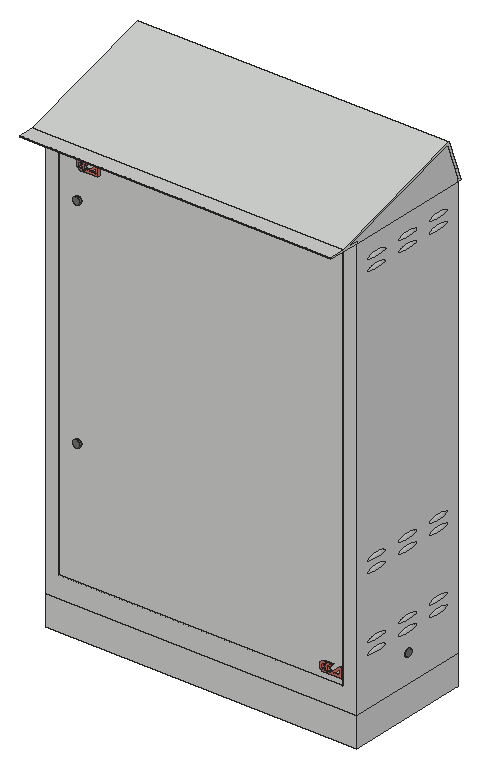
Revit family "Шкафы уличные двустенные ШРУД", category Обобщенные модели, Revit 2019
Family settings
  Может служить основой для арматурных стержней = Нет
  Размер круглого соединителя = Использовать диаметр
  Тип детали = Нормальный
  На основе рабочей плоскости = Нет
  Всегда вертикально = Да
  При загрузке вырезать с полостями = Нет
  Общий = Нет
  Точка расчета площади = Нет
Parameters (values of type "ШРУД-600 пустой")
  Толщина 5 = 5 mm  # constant formula
  Толщина 4 = 4 mm  # constant formula
  Толщина 25 = 25 mm  # constant formula
  Толщина -4 = -4 mm  # constant formula
  Смещение от уровня [instance] = 200 mm
  Описание = "Шкаф распределительный уличный двойной ШРУД-600 пустой ССД"
  Ноль = 0 mm  # constant formula
  Материал букв = Металл красный
  Материал болтов = Металл черный
  Материал Каркаса = RAL 7035
  ADSK_Этаж [instance] = ""
  ADSK_Размер_Ширина = 850 mm
  ADSK_Размер_Глубина = 345 mm
  ADSK_Размер_Высота = 1345 mm
  ADSK_Примечание [instance] = ""
  ADSK_Предел огнестойкости = ""
  ADSK_Позиция [instance] = ""
  ADSK_Обозначение = ""
  ADSK_Наименование краткое = "ШРУД-600 пустой"
  ADSK_Наименование = "Шкаф распределительный уличный двойной ШРУД-600 пустой ССД"
  ADSK_Масса_Текст = "104"
  ADSK_Марка [instance] = ""
  ADSK_Количество [instance] = 1  # constant formula
  ADSK_Код изделия = "120910-00066"
  ADSK_Зона = ""
  ADSK_Завод-изготовитель = "АО СВЯЗЬСТРОЙДЕТАЛЬ"  # constant formula
  ADSK_Единица измерения = "шт"  # constant formula
  ADSK_URL страницы изделия = "Шкаф распределительный уличный двойной ШРУД-600 пустой ССД ( 120910-00066 ) (ssd.ru)"
  ADSK_URL документации изделия = "shru_decl_09_21.pdf (ssd.ru)"
Types (6, lengths in mm): name | Описание | ADSK_Размер_Ширина | ADSK_Размер_Высота | ADSK_Наименование краткое | ADSK_Наименование | ADSK_Масса_Текст | ADSK_Код изделия | ADSK_URL страницы изделия
  ШРУД-600 (60 плинтов ПВТ) | "Шкаф распределительный уличный двойной ШРУД-600  укомплектованный ССД" | 850 | 1343 | "ШРУД-600 (60 плинтов ПВТ)" | "Шкаф распределительный уличный двойной ШРУД-600  укомплектованный ССД" | "152" | "120910-00072" | "Шкаф распределительный уличный двойной ШРУД-600 укомплектованный ССД ( 120910-00072 ) (ssd.ru)"
  ШРУД-1200 (120 плинтов ПВТ) | "Шкаф распределительный уличный двойной ШРУД-1200 укомплектованный ССД" | 850 | 1900 | "ШРУД-1200 (120 плинтов ПВТ)" | "Шкаф распределительный уличный двойной ШРУД-1200 укомплектованный ССД" | "239" | "120910-00071" | "Шкаф распределительный уличный двойной ШРУД-1200 укомплектованный ССД ( 120910-00071 ) (ssd.ru)"
  ШРУД-400 пустой | "Шкаф ШРУД-400 без боксов ССД" | 630 | 1345 | "ШРУД-400 пустой\r\nШРУД-400 пустой" | "Шкаф ШРУД-400 без боксов ССД" | "92" | "120910-00073" | "Шкаф ШРУД-400 без боксов ССД ( 120910-00073 ) (ssd.ru)"
  ШРУД-600 пустой | "Шкаф распределительный уличный двойной ШРУД-600 пустой ССД" | 850 | 1345 | "ШРУД-600 пустой" | "Шкаф распределительный уличный двойной ШРУД-600 пустой ССД" | "104" | "120910-00066" | "Шкаф распределительный уличный двойной ШРУД-600 пустой ССД ( 120910-00066 ) (ssd.ru)"
  ШРУД-1200 пустой | "Шкаф распределительный уличный двойной ШРУД-1200 пустой ССД" | 850 | 1900 | "ШРУД-1200 пустой" | "Шкаф распределительный уличный двойной ШРУД-1200 пустой ССД" | "122" | "120910-00067" | "Шкаф распределительный уличный двойной ШРУД-1200 пустой ССД ( 120910-00067 ) (ssd.ru)"
  ШРУД-2400 пустой | "Шкаф ШРУД-2400 без боксов ССД" | 850 | 2355 | "ШРУД-2400 пустой" | "Шкаф ШРУД-2400 без боксов ССД" | "218" | "120910-00069" | "Шкаф ШРУД-2400 без боксов ССД ( 120910-00069 ) (ssd.ru)"
Reference planes
  plane 1 "тттт": y = 0
  plane 2: z = 0
  plane 3 "УУУУ": x = 0
  plane 4 "еее": z = 200
  plane 5: z = 280
  plane 6: z = 1545
  plane 7: z = 340
  plane 8: z = 1435
  plane 9: z = 1411
  plane 10: z = 680
  plane 11: z = 1275
  plane 12 "Е-2": y = 172.5
  plane 13 "Е-1": y = -172.5
  plane 14 "Н-1": x = -425
  plane 15 "Н-2": x = 425
  plane 16: x = -388
  plane 17: x = 388
  plane 18: y = 142.5
  plane 19: x = -336
  plane 20 "для болтов": z = 360
  plane 21: z = 1380
  plane 22 "жжж": z = 412
  plane 23 "ззз": z = 442
  plane 24: z = 1350
  plane 25: y = 105.5
  plane 26: y = -105.5
  plane 27 "иии": z = 612
  plane 28 "ййй": z = 642
Forms (mm)
  Extrusion 1, void, not visible, detail levels fine
    sketch origin (-20, 0, 0) x (1, 0, 0) y (0, 0, 1)
      loop
        arc (-281.999, 290) -> (-261.999, 270) -> (-241.999, 290) r 20
        line (-241.999, 290) -> (-241.999, 370)
        arc (-241.999, 370) -> (-261.999, 390) -> (-281.999, 370) r 20
        line (-281.999, 370) -> (-281.999, 290)
    from 90 to 190
  Extrusion 2, void, not visible
    sketch origin (-20, 0, 225) x (1, 0, 0) y (0, 0, 1)
      loop
        circle (-261.999, 215) r 6.5
    from 90 to 190
  Extrusion 3, void, not visible, detail levels fine
    sketch origin (20, 0, 0) x (-1, 0, 0) y (0, 0, -1)
      loop
        line (-281.999, -290) -> (-281.999, -370)
        arc (-281.999, -370) -> (-261.999, -390) -> (-241.999, -370) r 20
        line (-241.999, -370) -> (-241.999, -290)
        arc (-241.999, -290) -> (-261.999, -270) -> (-281.999, -290) r 20
    from 90 to 190
  Extrusion 4, void, not visible
    sketch origin (20, 0, 225) x (-1, 0, 0) y (0, 0, -1)
      loop
        circle (-261.999, -215) r 6.5
    from 90 to 190
  Extrusion 5, void, not visible
    sketch origin (0, 0, 220) x (0, 1, 0) y (0, 0, 1)
      loop
        circle (-102, 220) r 3.036
      loop
        circle (-172.959, 220) r 3.036
      loop
        circle (-122, 237) r 3.036
      loop
        circle (-157.959, 237) r 3.036
      loop
        circle (-121.964, 203) r 3.036
      loop
        circle (-158.036, 203) r 3.036
      loop
        arc (-162.48, 75) -> (-137.48, 50) -> (-112.48, 75) r 25
        line (-112.48, 75) -> (-112.48, 145)
        arc (-112.48, 145) -> (-137.48, 170) -> (-162.48, 145) r 25
        line (-162.48, 145) -> (-162.48, 75)
    from -312 to 312
  Extrusion 6, solid, material "RAL 7035" <- "Материал Каркаса", detail levels medium+fine
    sketch origin (0, -172.5, 0) x (1, 0, 0) y (0, 0, 1)
      loop
        line (-425, 1435) -> (-425, 280) -> (425, 280) -> (425, 1435) -> (-425, 1435)
      loop
        line (-388, 1411) -> (-388, 340) -> (388, 340) -> (388, 1411) -> (-388, 1411)
    from -4 <- "Толщина -4" to 0
  Extrusion 7, solid, material "RAL 7035" <- "Материал Каркаса", detail levels medium+fine
    sketch origin (0, -172.5, 0) x (1, 0, 0) y (0, 0, 1)
      loop
        line (-425, 280) -> (-425, 200) -> (425, 200) -> (425, 280) -> (-425, 280)
    from 0 to -4 <- "Толщина -4"
  Extrusion 8, solid, material "Металл белый", detail levels medium+fine
    sketch origin (0, -172.5, 0) x (1, 0, 0) y (0, 0, 1)
      loop
        line (-388, 1411) -> (-388, 340) -> (388, 340) -> (388, 1411) -> (-388, 1411)
    from 0 to -4 <- "Толщина -4"
  Extrusion 9, solid, material "RAL 7035" <- "Материал Каркаса", detail levels medium+fine
    sketch origin (0, 172.5, 0) x (1, 0, 0) y (0, 0, 1)
      loop
        line (-425, 1435) -> (-425, 280) -> (425, 280) -> (425, 1435) -> (-425, 1435)
    from 0 to 4 <- "Толщина 4"
  Extrusion 10, solid, material "RAL 7035" <- "Материал Каркаса", detail levels medium+fine
    sketch origin (-425, 0, 0) x (0, 1, 0) y (0, 0, 1)
      loop
        line (172.5, 280) -> (-172.5, 280) -> (-172.5, 200) -> (172.5, 200) -> (172.5, 280)
    from 0 to 4 <- "Толщина 4"
  Extrusion 11, solid, material "RAL 7035" <- "Материал Каркаса", detail levels medium+fine
    sketch origin (-425, 0, 0) x (0, 1, 0) y (0, 0, 1)
      loop
        line (172.5, 1435) -> (-172.5, 1435) -> (-172.5, 280) -> (172.5, 280) -> (172.5, 1435)
    from 0 to 4 <- "Толщина 4"
  Extrusion 12, solid, material "RAL 7035" <- "Материал Каркаса", detail levels medium+fine
    sketch origin (-425, 0, 0) x (0, 1, 0) y (0, 0, 1)
      loop
        line (142.5, 1545) -> (-215.009, 1439) -> (-258.5, 1439) -> (-258.5, 1435) -> (-228.5, 1435) -> (-172.5, 1435) -> (-172.5, 1439) -> (-200.938, 1439) -> (140.027, 1540.095) -> (176.789, 1439) -> (172.5, 1439) -> (172.5, 1435) -> (182.5, 1435) -> (142.5, 1545)
    from 0 to 850
  Extrusion 13, solid, material "RAL 7035" <- "Материал Каркаса", detail levels medium+fine
    sketch origin (-425, 0, 0) x (0, 1, 0) y (0, 0, 1)
      loop
        line (172.5, 1435) -> (172.5, 1439) -> (176.789, 1439) -> (140.027, 1540.095) -> (-200.938, 1439) -> (-172.5, 1439) -> (-172.5, 1435) -> (172.5, 1435)
    from 0 to 4 <- "Толщина 4"
  Extrusion 14, solid, material "RAL 7035" <- "Материал Каркаса", detail levels medium+fine
    sketch origin (425, 0, 0) x (0, 1, 0) y (0, 0, 1)
      loop
        line (-172.5, 280) -> (-172.5, 200) -> (172.5, 200) -> (172.5, 280) -> (-172.5, 280)
    from -4 <- "Толщина -4" to 0
  Extrusion 15, solid, material "RAL 7035" <- "Материал Каркаса", detail levels medium+fine
    sketch origin (425, 0, 0) x (0, 1, 0) y (0, 0, 1)
      loop
        line (-172.5, 1435) -> (-172.5, 280) -> (172.5, 280) -> (172.5, 1435) -> (-172.5, 1435)
    from 0 to -4 <- "Толщина -4"
  Extrusion 16, solid, material "Металл белый", detail levels medium+fine
    sketch origin (425, 0, 0) x (0, 1, 0) y (0, 0, 1)
      loop
        line (-200.938, 1439) -> (-172.5, 1439) -> (-172.5, 1435) -> (172.5, 1435) -> (172.5, 1439) -> (176.789, 1439) -> (140.027, 1540.095) -> (-200.938, 1439)
    from -4 <- "Толщина -4" to 0
  Extrusion 17, solid, material "RAL 7035" <- "Материал Каркаса", detail levels medium+fine
    sketch origin (0, 0, 200) x (0, -1, 0) y (1, 0, 0)
      loop
        line (-172.5, 425) -> (-172.5, -425) -> (172.5, -425) -> (172.5, 425) -> (-172.5, 425)
    from 0 to 4 <- "Толщина 4"
  Extrusion 18, solid, material "RAL 7035" <- "Материал Каркаса", detail levels medium+fine
    sketch origin (0, 172.5, 0) x (1, 0, 0) y (0, 0, 1)
      loop
        line (-425, 280) -> (-425, 200) -> (425, 200) -> (425, 280) -> (-425, 280)
    from 0 to 4 <- "Толщина 4"
  Extrusion 19, solid, material "Металл черный" <- "Материал болтов", detail levels medium+fine
    sketch origin (0, -172.5, 0) x (1, 0, 0) y (0, 0, 1)
      loop
        circle (-336, 680) r 10
      loop
        circle (-336, 1275) r 10
    from 0 to 5 <- "Толщина 5"
  Extrusion 20, solid, material "Металл черный" <- "Материал болтов", detail levels fine
    sketch origin (425, 0, 0) x (0, 1, 0) y (0, 0, 1)
      loop
        circle (0, 360) r 10
    from 0 <- "Ноль" to 5 <- "Толщина 5"
  Extrusion 21, solid, material "Металл черный" <- "Материал болтов", detail levels fine
    sketch origin (-425, 0, 0) x (0, 1, 0) y (0, 0, 1)
      loop
        circle (0, 360) r 10
    from 0 to -4 <- "Толщина -4"
  Extrusion 22, solid, material "RAL 7035", detail levels coarse
    sketch origin (0, 0, 0) x (1, 0, 0) y (0, 1, 0)
      loop
        line (-425, 172.5) -> (-425, -172.5) -> (425, -172.5) -> (425, 172.5) -> (-425, 172.5)
    from 200 to 1545
Cuts and joins
  joined: Extrusion 7, Extrusion 10, Extrusion 14, Extrusion 17, Extrusion 18
  joined: Extrusion 6, Extrusion 9, Extrusion 11, Extrusion 15
Dimensions and locks
  "ADSK_Размер_Высота": plane 6 to plane 4 "еее"
  "Смещение от уровня": plane 4 "еее" to level
  locked: plane 5 to plane 4 "еее" at 80
  locked: plane 7 to plane 5 at 60
  locked: plane 6 to plane 8 at 110
  locked: plane 8 to plane 9 at 24
  locked: plane 10 to plane 7 at 340
  locked: plane 9 to plane 11 at 136
  equal spacing: plane 13 "Е-1", plane 1 "тттт", plane 12 "Е-2"
  equal spacing: plane 14 "Н-1", plane 3 "УУУУ", plane 15 "Н-2"
  "ADSK_Размер_Ширина": plane 14 "Н-1" to plane 15 "Н-2"
  "ADSK_Размер_Глубина": plane 13 "Е-1" to plane 12 "Е-2"
  locked: plane 16 to plane 14 "Н-1" at 37
  locked: plane 17 to plane 15 "Н-2" at 37
  locked: plane 12 "Е-2" to plane 18 at 30
  locked: Extrusion 12 sketch curve to Extrusion 12 sketch curve at 10
  "Толщина 4": Extrusion 12 sketch curve to Extrusion 12 sketch curve  (x4)
  locked: Extrusion 12 sketch curve to Extrusion 12 sketch curve at 86
  locked: plane 19 to plane 16 at 52
  locked: plane 4 "еее" to plane 20 "для болтов" at 160
  locked: plane 20 "для болтов" to plane 22 "жжж" at 52
  locked: plane 8 to plane 21 at 55
  locked: plane 22 "жжж" to plane 23 "ззз" at 30
  locked: plane 21 to plane 24 at 30
  locked: plane 12 "Е-2" to plane 25 at 67
  locked: plane 26 to plane 13 "Е-1" at 67
  locked: plane 27 "иии" to plane 28 "ййй" at 30
  locked: plane 23 "ззз" to plane 27 "иии" at 170
  nested 39 to plane 17 = 388 mm
  aligned and locked: level to plane 2
  aligned and locked: Extrusion 6 sketch curve to plane 15 "Н-2"
  aligned and locked: plane 14 "Н-1" to Extrusion 6 sketch curve
  aligned and locked: plane 8 to Extrusion 6 sketch curve
  aligned and locked: plane 9 to Extrusion 6 sketch curve
  aligned and locked: Extrusion 6 sketch curve to plane 7
  aligned and locked: plane 16 to Extrusion 6 sketch curve
  aligned and locked: plane 17 to Extrusion 6 sketch curve
  aligned and locked: Extrusion 6 sketch curve to plane 5
  aligned and locked: Extrusion 7 sketch curve to Extrusion 6  (x2)
  aligned and locked: Extrusion 7 sketch curve to plane 4 "еее"
  aligned and locked: Extrusion 7 sketch curve to plane 15 "Н-2"
  aligned and locked: Extrusion 7 to plane 13 "Е-1"
  aligned and locked: plane 13 "Е-1" to Extrusion 6
  aligned and locked: Extrusion 8 sketch curve to Extrusion 6  (x4)
  aligned and locked: Extrusion 8 to plane 13 "Е-1"
  aligned and locked: plane 8 to Extrusion 9 sketch curve
  aligned and locked: plane 14 "Н-1" to Extrusion 9 sketch curve
  aligned and locked: Extrusion 9 sketch curve to plane 15 "Н-2"
  aligned and locked: Extrusion 9 to plane 12 "Е-2"
  aligned and locked: plane 5 to Extrusion 10 sketch curve
  aligned and locked: plane 12 "Е-2" to Extrusion 10 sketch curve
  aligned and locked: Extrusion 10 sketch curve to plane 4 "еее"
  aligned and locked: Extrusion 10 sketch curve to plane 13 "Е-1"
  aligned and locked: Extrusion 10 to plane 14 "Н-1"
  aligned and locked: Extrusion 11 sketch curve to Extrusion 9
  aligned and locked: Extrusion 9 to Extrusion 11 sketch curve
  aligned and locked: Extrusion 11 sketch curve to Extrusion 10
  aligned and locked: Extrusion 11 sketch curve to Extrusion 6
  aligned and locked: Extrusion 11 to plane 14 "Н-1"
  aligned and locked: Extrusion 12 to plane 14 "Н-1"
  aligned and locked: plane 15 "Н-2" to Extrusion 12
  aligned and locked: plane 6 to Extrusion 12 sketch curve
  aligned and locked: Extrusion 12 sketch curve to plane 18
  aligned and locked: Extrusion 13 to plane 14 "Н-1"
  aligned and locked: Extrusion 14 sketch curve to cut or joined group of Extrusion 7, Extrusion 10, Extrusion 14, Extrusion 17, Extrusion 18
  aligned and locked: plane 15 "Н-2" to Extrusion 14
  aligned and locked: Extrusion 15 sketch curve to cut or joined group of Extrusion 7, Extrusion 10, Extrusion 14, Extrusion 17, Extrusion 18  (x2)
  aligned and locked: Extrusion 15 to plane 15 "Н-2"
  aligned and locked: Extrusion 16 sketch curve to plane 8
  aligned and locked: Extrusion 16 sketch curve to Extrusion 12  (x5)
  aligned and locked: plane 15 "Н-2" to Extrusion 16
  aligned and locked: Extrusion 17 sketch curve to cut or joined group of Extrusion 7, Extrusion 10, Extrusion 14, Extrusion 17, Extrusion 18  (x3)
  aligned and locked: plane 4 "еее" to Extrusion 17
  aligned and locked: Extrusion 9 sketch curve to plane 5
  aligned and locked: Extrusion 18 sketch curve to Extrusion 9  (x2)
  aligned and locked: Extrusion 18 sketch curve to cut or joined group of Extrusion 7, Extrusion 10, Extrusion 14, Extrusion 17, Extrusion 18  (x2)
  aligned and locked: Extrusion 18 to plane 12 "Е-2"
  aligned and locked: plane 10 to Extrusion 19 sketch curve
  aligned and locked: plane 19 to Extrusion 19 sketch curve  (x2)
  aligned and locked: plane 11 to Extrusion 19 sketch curve
  aligned and locked: Extrusion 20 to plane 15 "Н-2"
  aligned and locked: plane 20 "для болтов" to Extrusion 21 sketch curve
  aligned and locked: plane 1 "тттт" to Extrusion 21 sketch curve
  aligned and locked: plane 28 "ййй" to nested 10
  aligned and locked: plane 28 "ййй" to nested 11
  aligned and locked: plane 28 "ййй" to nested 12
  aligned and locked: plane 27 "иии" to nested 7
  aligned and locked: plane 27 "иии" to nested 8
  aligned and locked: plane 27 "иии" to nested 9
  aligned and locked: plane 23 "ззз" to nested 4
  aligned and locked: plane 23 "ззз" to nested 6
  aligned and locked: plane 22 "жжж" to nested 1
  aligned and locked: plane 22 "жжж" to nested 3
  aligned and locked: plane 22 "жжж" to nested 2
  aligned and locked: plane 23 "ззз" to nested 5
  aligned and locked: nested 6 to plane 23 "ззз"
  aligned and locked: nested 13 to plane 24
  aligned and locked: nested 14 to plane 24
  aligned and locked: nested 15 to plane 24
  aligned and locked: nested 16 to plane 21
  aligned and locked: nested 17 to plane 21
  aligned and locked: nested 18 to plane 21
  aligned and locked: nested 16 to plane 25
  aligned and locked: nested 13 to plane 25
  aligned and locked: plane 1 "тттт" to nested 17
  aligned and locked: plane 1 "тттт" to nested 14
  aligned and locked: plane 26 to nested 18
  aligned and locked: plane 26 to nested 15
  aligned and locked: nested 10 to plane 25
  aligned and locked: nested 7 to plane 25
  aligned and locked: nested 4 to plane 25
  aligned and locked: nested 1 to plane 25
  aligned and locked: plane 1 "тттт" to nested 2
  aligned and locked: plane 26 to nested 6
  aligned and locked: plane 26 to nested 3
  aligned and locked: plane 1 "тттт" to nested 8
  aligned and locked: plane 1 "тттт" to nested 11
  aligned and locked: plane 26 to nested 12
  aligned and locked: plane 26 to nested 9
  aligned and locked: nested 1 to plane 14 "Н-1"
  aligned and locked: nested 2 to plane 14 "Н-1"
  aligned and locked: nested 3 to plane 14 "Н-1"
  aligned and locked: nested 4 to plane 14 "Н-1"
  aligned and locked: nested 5 to plane 14 "Н-1"
  aligned and locked: nested 6 to plane 14 "Н-1"
  aligned and locked: nested 7 to plane 14 "Н-1"
  aligned and locked: nested 8 to plane 14 "Н-1"
  aligned and locked: nested 9 to plane 14 "Н-1"
  aligned and locked: nested 10 to plane 14 "Н-1"
  aligned and locked: nested 11 to plane 14 "Н-1"
  aligned and locked: nested 12 to plane 14 "Н-1"
  aligned and locked: nested 13 to plane 14 "Н-1"
  aligned and locked: nested 14 to plane 14 "Н-1"
  aligned and locked: nested 15 to plane 14 "Н-1"
  aligned and locked: nested 16 to plane 14 "Н-1"
  aligned and locked: nested 17 to plane 14 "Н-1"
  aligned and locked: nested 18 to plane 14 "Н-1"
  aligned and locked: nested 23 to plane 26
  aligned and locked: nested 20 to plane 26
  aligned and locked: nested 26 to plane 26
  aligned and locked: nested 29 to plane 26
  aligned and locked: nested 32 to plane 26
  aligned and locked: nested 35 to plane 26
  aligned and locked: nested 34 to plane 1 "тттт"
  aligned and locked: nested 31 to plane 1 "тттт"
  aligned and locked: nested 28 to plane 1 "тттт"
  aligned and locked: nested 25 to plane 1 "тттт"
  aligned and locked: nested 22 to plane 1 "тттт"
  aligned and locked: nested 19 to plane 1 "тттт"
  aligned and locked: plane 25 to nested 24
  aligned and locked: plane 25 to nested 21
  aligned and locked: plane 25 to nested 27
  aligned and locked: plane 25 to nested 30
  aligned and locked: plane 25 to nested 33
  aligned and locked: plane 25 to nested 36
  aligned and locked: plane 23 "ззз" to nested 33
  aligned and locked: plane 23 "ззз" to nested 31
  aligned and locked: plane 23 "ззз" to nested 32
  aligned and locked: plane 22 "жжж" to nested 35
  aligned and locked: plane 22 "жжж" to nested 34
  aligned and locked: plane 22 "жжж" to nested 36
  aligned and locked: plane 27 "иии" to nested 30
  aligned and locked: plane 27 "иии" to nested 28
  aligned and locked: plane 27 "иии" to nested 29
  aligned and locked: plane 28 "ййй" to nested 27
  aligned and locked: plane 28 "ййй" to nested 25
  aligned and locked: plane 28 "ййй" to nested 26
  aligned and locked: nested 24 to plane 24
  aligned and locked: nested 22 to plane 24
  aligned and locked: nested 23 to plane 24
  aligned and locked: nested 21 to plane 21
  aligned and locked: nested 19 to plane 21
  aligned and locked: nested 20 to plane 21
  aligned and locked: plane 15 "Н-2" to nested 21
  aligned and locked: plane 15 "Н-2" to nested 19
  aligned and locked: plane 15 "Н-2" to nested 20
  aligned and locked: plane 15 "Н-2" to nested 24
  aligned and locked: plane 15 "Н-2" to nested 22
  aligned and locked: plane 15 "Н-2" to nested 23
  aligned and locked: plane 15 "Н-2" to nested 27
  aligned and locked: plane 15 "Н-2" to nested 25
  aligned and locked: plane 15 "Н-2" to nested 26
  aligned and locked: plane 15 "Н-2" to nested 29
  aligned and locked: plane 15 "Н-2" to nested 28
  aligned and locked: plane 15 "Н-2" to nested 30
  aligned and locked: plane 15 "Н-2" to nested 33
  aligned and locked: plane 15 "Н-2" to nested 31
  aligned and locked: plane 15 "Н-2" to nested 32
  aligned and locked: plane 15 "Н-2" to nested 36
  aligned and locked: plane 15 "Н-2" to nested 34
  aligned and locked: plane 15 "Н-2" to nested 35
  aligned and locked: plane 13 "Е-1" to nested 37
  aligned and locked: plane 13 "Е-1" to nested 38
  aligned and locked: plane 19 to nested 38
  aligned and locked: nested 38 to plane 21
  aligned and locked: nested 37 to plane 20 "для болтов"
  aligned and locked: plane 17 to nested 37
  aligned and locked: Extrusion 22 sketch curve to cut or joined group of Extrusion 7, Extrusion 10, Extrusion 14, Extrusion 17, Extrusion 18  (x4)
  aligned and locked: Extrusion 22 to plane 6
  aligned and locked: plane 4 "еее" to Extrusion 22
  aligned and locked: plane 15 "Н-2" to nested 39
  aligned and locked: plane 14 "Н-1" to nested 39
  aligned and locked: plane 4 "еее" to nested 39
Automatic sketch dimensions
  plane 8 to Extrusion 13 sketch curve = 0 mm
  Extrusion 13 sketch curve to plane 13 "Е-1" = 0 mm
  Extrusion 13 sketch curve to plane 12 "Е-2" = 0 mm
  Extrusion 13 sketch curve to plane 8 = 4 mm  (x2)
  Extrusion 13 sketch curve to Extrusion 13 sketch curve = 28.438 mm
  plane 18 to Extrusion 13 sketch curve = 2.473 mm
  Extrusion 13 sketch curve to plane 12 "Е-2" = 4.289 mm
  plane 6 to Extrusion 13 sketch curve = 4.905 mm
  plane 4 "еее" to Extrusion 14 sketch curve = 0 mm
  Extrusion 14 sketch curve to plane 13 "Е-1" = 0 mm
  Extrusion 14 sketch curve to plane 12 "Е-2" = 0 mm
  Extrusion 15 sketch curve to plane 13 "Е-1" = 0 mm
  plane 8 to Extrusion 15 sketch curve = 0 mm
  Extrusion 16 sketch curve to plane 13 "Е-1" = 0 mm
  plane 12 "Е-2" to Extrusion 17 sketch curve = 0 mm
  Extrusion 20 sketch curve to plane 1 "тттт" = 0 mm
  plane 20 "для болтов" to Extrusion 20 sketch curve = 0 mm
  plane 8 to Extrusion 12 sketch curve = 0 mm  (x2)
  Extrusion 12 sketch curve to plane 13 "Е-1" = 0 mm
  Extrusion 12 sketch curve to plane 12 "Е-2" = 0 mm
  Extrusion 12 sketch curve to Extrusion 12 sketch curve = 30 mm
  Extrusion 12 sketch curve to Extrusion 12 sketch curve = 13.491 mm
  Extrusion 12 sketch curve to plane 8 = 4 mm
  radius of Extrusion 19 sketch curve = 10 mm  (x2)
  radius of Extrusion 20 sketch curve = 10 mm
  radius of Extrusion 21 sketch curve = 10 mm
Nested families
  nested 1: "Впадина" at (-425, 105.5, 412) x (0, -1, 0) z (0, 0, 1), Материал <- "Материал Каркаса", type "Впадина", detail levels fine
    with Материал RAL 7035
  nested 2: "Впадина" at (-425, 0, 412) x (0, -1, 0) z (0, 0, 1), Материал <- "Материал Каркаса", type "Впадина", detail levels fine
    with Материал RAL 7035
  nested 3: "Впадина" at (-425, -105.5, 412) x (0, -1, 0) z (0, 0, 1), Материал <- "Материал Каркаса", type "Впадина", detail levels fine
    with Материал RAL 7035
  nested 4: "Впадина" at (-425, 105.5, 442) x (0, -1, 0) z (0, 0, 1), Материал <- "Материал Каркаса", type "Впадина", detail levels fine
    with Материал RAL 7035
  nested 5: "Впадина" at (-425, 0, 442) x (0, -1, 0) z (0, 0, 1), Материал <- "Материал Каркаса", type "Впадина", detail levels fine
    with Материал RAL 7035
  nested 6: "Впадина" at (-425, -105.5, 442) x (0, -1, 0) z (0, 0, 1), Материал <- "Материал Каркаса", type "Впадина", detail levels fine
    with Материал RAL 7035
  nested 7: "Впадина" at (-425, 105.5, 612) x (0, -1, 0) z (0, 0, 1), Материал <- "Материал Каркаса", type "Впадина", detail levels fine
    with Материал RAL 7035
  nested 8: "Впадина" at (-425, 0, 612) x (0, -1, 0) z (0, 0, 1), Материал <- "Материал Каркаса", type "Впадина", detail levels fine
    with Материал RAL 7035
  nested 9: "Впадина" at (-425, -105.5, 612) x (0, -1, 0) z (0, 0, 1), Материал <- "Материал Каркаса", type "Впадина", detail levels fine
    with Материал RAL 7035
  nested 10: "Впадина" at (-425, 105.5, 642) x (0, -1, 0) z (0, 0, 1), Материал <- "Материал Каркаса", type "Впадина", detail levels fine
    with Материал RAL 7035
  nested 11: "Впадина" at (-425, 0, 642) x (0, -1, 0) z (0, 0, 1), Материал <- "Материал Каркаса", type "Впадина", detail levels fine
    with Материал RAL 7035
  nested 12: "Впадина" at (-425, -105.5, 642) x (0, -1, 0) z (0, 0, 1), Материал <- "Материал Каркаса", type "Впадина", detail levels fine
    with Материал RAL 7035
  nested 13: "Впадина" at (-425, 105.5, 1350) x (0, -1, 0) z (0, 0, 1), Материал <- "Материал Каркаса", type "Впадина", detail levels fine
    with Материал RAL 7035
  nested 14: "Впадина" at (-425, 0, 1350) x (0, -1, 0) z (0, 0, 1), Материал <- "Материал Каркаса", type "Впадина", detail levels fine
    with Материал RAL 7035
  nested 15: "Впадина" at (-425, -105.5, 1350) x (0, -1, 0) z (0, 0, 1), Материал <- "Материал Каркаса", type "Впадина", detail levels fine
    with Материал RAL 7035
  nested 16: "Впадина" at (-425, 105.5, 1380) x (0, -1, 0) z (0, 0, 1), Материал <- "Материал Каркаса", type "Впадина", detail levels fine
    with Материал RAL 7035
  nested 17: "Впадина" at (-425, 0, 1380) x (0, -1, 0) z (0, 0, 1), Материал <- "Материал Каркаса", type "Впадина", detail levels fine
    with Материал RAL 7035
  nested 18: "Впадина" at (-425, -105.5, 1380) x (0, -1, 0) z (0, 0, 1), Материал <- "Материал Каркаса", type "Впадина", detail levels fine
    with Материал RAL 7035
  nested 19: "Впадина" at (425, 0, 1380) x (0, 1, 0) z (0, 0, 1), Материал <- "Материал Каркаса", type "Впадина", detail levels fine
    with Материал RAL 7035
  nested 20: "Впадина" at (425, -105.5, 1380) x (0, 1, 0) z (0, 0, 1), Материал <- "Материал Каркаса", type "Впадина", detail levels fine
    with Материал RAL 7035
  nested 21: "Впадина" at (425, 105.5, 1380) x (0, 1, 0) z (0, 0, 1), Материал <- "Материал Каркаса", type "Впадина", detail levels fine
    with Материал RAL 7035
  nested 22: "Впадина" at (425, 0, 1350) x (0, 1, 0) z (0, 0, 1), Материал <- "Материал Каркаса", type "Впадина", detail levels fine
    with Материал RAL 7035
  nested 23: "Впадина" at (425, -105.5, 1350) x (0, 1, 0) z (0, 0, 1), Материал <- "Материал Каркаса", type "Впадина", detail levels fine
    with Материал RAL 7035
  nested 24: "Впадина" at (425, 105.5, 1350) x (0, 1, 0) z (0, 0, 1), Материал <- "Материал Каркаса", type "Впадина", detail levels fine
    with Материал RAL 7035
  nested 25: "Впадина" at (425, 0, 642) x (0, 1, 0) z (0, 0, 1), Материал <- "Материал Каркаса", type "Впадина", detail levels fine
    with Материал RAL 7035
  nested 26: "Впадина" at (425, -105.5, 642) x (0, 1, 0) z (0, 0, 1), Материал <- "Материал Каркаса", type "Впадина", detail levels fine
    with Материал RAL 7035
  nested 27: "Впадина" at (425, 105.5, 642) x (0, 1, 0) z (0, 0, 1), Материал <- "Материал Каркаса", type "Впадина", detail levels fine
    with Материал RAL 7035
  nested 28: "Впадина" at (425, 0, 612) x (0, 1, 0) z (0, 0, 1), Материал <- "Материал Каркаса", type "Впадина", detail levels fine
    with Материал RAL 7035
  nested 29: "Впадина" at (425, -105.5, 612) x (0, 1, 0) z (0, 0, 1), Материал <- "Материал Каркаса", type "Впадина", detail levels fine
    with Материал RAL 7035
  nested 30: "Впадина" at (425, 105.5, 612) x (0, 1, 0) z (0, 0, 1), Материал <- "Материал Каркаса", type "Впадина", detail levels fine
    with Материал RAL 7035
  nested 31: "Впадина" at (425, 0, 442) x (0, 1, 0) z (0, 0, 1), Материал <- "Материал Каркаса", type "Впадина", detail levels fine
    with Материал RAL 7035
  nested 32: "Впадина" at (425, -105.5, 442) x (0, 1, 0) z (0, 0, 1), Материал <- "Материал Каркаса", type "Впадина", detail levels fine
    with Материал RAL 7035
  nested 33: "Впадина" at (425, 105.5, 442) x (0, 1, 0) z (0, 0, 1), Материал <- "Материал Каркаса", type "Впадина", detail levels fine
    with Материал RAL 7035
  nested 34: "Впадина" at (425, 0, 412) x (0, 1, 0) z (0, 0, 1), Материал <- "Материал Каркаса", type "Впадина", detail levels fine
    with Материал RAL 7035
  nested 35: "Впадина" at (425, -105.5, 412) x (0, 1, 0) z (0, 0, 1), Материал <- "Материал Каркаса", type "Впадина", detail levels fine
    with Материал RAL 7035
  nested 36: "Впадина" at (425, 105.5, 412) x (0, 1, 0) z (0, 0, 1), Материал <- "Материал Каркаса", type "Впадина", detail levels fine
    with Материал RAL 7035
  nested 37: "ССД" at (358.016, -172.5, 360), Материал <- "Материал букв", type "ССД", detail levels fine
    with Материал Металл красный
  nested 38: "ССД" at (-306.016, -172.5, 1354), Материал <- "Материал букв", type "ССД", detail levels fine
    with Материал Металл красный
  nested 39: "ЭУ_Шкаф распределительный уличный" at (0, 0, 200) x (1, 0, 0) z (0, -1, 0), ADSK_Размер_Высота <- "ADSK_Размер_Высота", ADSK_Размер_Ширина <- "ADSK_Размер_Ширина", type "ЭУ_Шкаф распределительный уличный", detail levels coarse
    with ADSK_Размер_Ширина 850 mm, ADSK_Размер_Высота 1345 mm
Definition of nested family "Впадина"
  Parameters (values of type "Впадина")
    Материал [instance] = none
    ADSK_Размер_Ширина = 64 mm
  Reference planes
    plane 1 "По центру (Вперед/Назад)": y = 0
    plane 2: z = 0
    plane 3 "По центру (Влево/Вправо)": x = 0
    plane 4: y = -5
    plane 5: x = -32
    plane 6: x = 32
  Forms (mm)
    Sweep 1, solid, material <- "Материал"
      path origin (0, 0, 0) x (1, 0, 0) y (0, 1, 0)
        loop
          arc (-32, 0) -> (0, -5) -> (32, 0) r 104.9
      profile origin (0, -5, 0) x (0, 1, 0) y (0, 0, 1)
        loop
          line (0, 0) -> (1.008, 0)
          arc (1.008, 0) -> (2.037, 5.808) -> (5, 10.909) r 16.9
          line (5, 10.909) -> (5, 12)
          arc (5, 12) -> (1.3, 6.5) -> (0, 0) r 16.9
  Lines and regions (mm)
    symbolic lines
      curve 1: line (-32, 0, 0) -> (32, 0, 0)
      curve 2: line (0, 0, 0) -> (0, -5, 0)
      curve 3: line (-32, 0, 0) -> (32, 0, 0)
  Dimensions and locks
    equal spacing: plane 5, plane 3 "По центру (Влево/Вправо)", plane 6
    "ADSK_Размер_Ширина": plane 5 to plane 6
    plane 4 to plane 1 "По центру (Вперед/Назад)" = 5 mm
    aligned and locked: level to plane 2
    aligned and locked: plane 5 to Sweep 1 sketch curve
    aligned and locked: plane 1 "По центру (Вперед/Назад)" to Sweep 1 sketch curve  (x3)
    aligned and locked: plane 6 to Sweep 1 sketch curve
    aligned and locked: plane 1 "По центру (Вперед/Назад)" to curve 1
    aligned and locked: curve 2 to plane 3 "По центру (Влево/Вправо)"
    aligned and locked: curve 3 to plane 2
  Automatic sketch dimensions
    Sweep 1 sketch curve to plane 1 "По центру (Вперед/Назад)" = 99.9 mm
    Sweep 1 sketch curve to profile plane = 0 mm
    Sweep 1 sketch curve to level = 0 mm
    Sweep 1 sketch curve to Sweep 1 sketch curve = 11.9 mm
    Sweep 1 sketch curve to Sweep 1 sketch curve = 1.008 mm
    Sweep 1 sketch curve to Sweep 1 sketch curve = 1.091 mm
    curve 1 to plane 5 = 0 mm
    curve 1 to plane 6 = 0 mm
    curve 2 to plane 4 = 0 mm
    curve 3 to plane 5 = 0 mm
    curve 3 to plane 6 = 0 mm
Definition of nested family "ССД"
  Parameters (values of type "ССД")
    Материал [instance] = none
  Reference planes
    plane 1 "По центру (Вперед/Назад)": y = 0
    plane 2: z = 0
    plane 3 "По центру (Влево/Вправо)": x = 0
    plane 4: y = -5
    plane 5: z = 26
    plane 6: x = -29.984
    plane 7: x = 29.984
  Forms (mm)
    Extrusion 1, solid, material <- "Материал"
      sketch origin (-4.748, 0, -135.953) x (1, 0, 0) y (0, 0, 1)
        loop
          arc (-12.562, 161.735) -> (-25.455, 148.886) -> (-12.605, 135.993) r 12.871
          line (-12.605, 135.993) -> (-5.127, 135.993)
          arc (-5.127, 135.993) -> (-8.341, 138.928) -> (-10.997, 142.376) r 24.946
          line (-10.997, 142.376) -> (-12.584, 142.376)
          arc (-12.584, 142.376) -> (-19.072, 148.864) -> (-12.584, 155.352) r 6.488
          line (-12.584, 155.352) -> (-10.972, 155.352)
          arc (-10.972, 155.352) -> (-8.292, 158.804) -> (-5.051, 161.735) r 24.946
          line (-5.051, 161.735) -> (-12.562, 161.735)
        loop
          arc (3.387, 161.709) -> (-9.505, 148.859) -> (3.344, 135.967) r 12.871
          line (3.344, 135.967) -> (34.291, 135.915) -> (34.334, 161.666) -> (28.9, 161.666) -> (8.095, 144.25) -> (16.764, 144.25) -> (28.888, 154.399) -> (28.868, 142.307) -> (3.34, 142.35)
          arc (3.34, 142.35) -> (-3.122, 148.856) -> (3.377, 155.326) r 6.488
          line (3.377, 155.326) -> (4.978, 155.326)
          arc (4.978, 155.326) -> (7.657, 158.777) -> (10.898, 161.709) r 24.946
          line (10.898, 161.709) -> (3.387, 161.709)
      from 0 to 5
  Lines and regions (mm)
    symbolic lines
      curve 1: line (-29.984, 0, 0) -> (29.984, 0, 0)
      curve 2: line (-29.984, 0, 26) -> (29.984, 0, 26)
      curve 3: line (-29.984, 0, 0) -> (-29.984, 0, 26)
      curve 4: line (29.984, 0, 0) -> (-29.984, 0, 0)
      curve 5: line (29.984, 0, 26) -> (29.984, 0, 0)
  Dimensions and locks
    locked: plane 1 "По центру (Вперед/Назад)" to plane 4 at 5
    locked: plane 5 to plane 2 at 26
    equal spacing: plane 7, plane 3 "По центру (Влево/Вправо)", plane 6
    locked: plane 7 to plane 6 at 59.968
    aligned and locked: level to plane 2
    aligned and locked: plane 1 "По центру (Вперед/Назад)" to curve 1
    aligned and locked: Extrusion 1 to plane 4
    aligned and locked: Extrusion 1 to plane 1 "По центру (Вперед/Назад)"
    aligned and locked: curve 2 to plane 5
    aligned and locked: plane 6 to curve 3
    aligned and locked: plane 2 to curve 4
    aligned and locked: curve 5 to plane 7
  Automatic sketch dimensions
    curve 1 to plane 6 = 0 mm
    curve 1 to plane 7 = 0 mm
    Extrusion 1 sketch curve to Extrusion 1 sketch curve = 0 mm  (x6)
    Extrusion 1 sketch curve to plane 3 "По центру (Влево/Вправо)" = 17.331 mm
    Extrusion 1 sketch curve to Extrusion 1 sketch curve = 0.022 mm
    Extrusion 1 sketch curve to Extrusion 1 sketch curve = 1.587 mm
    Extrusion 1 sketch curve to Extrusion 1 sketch curve = 1.612 mm
    Extrusion 1 sketch curve to plane 3 "По центру (Влево/Вправо)" = 9.875 mm
    Extrusion 1 sketch curve to plane 3 "По центру (Влево/Вправо)" = 1.407 mm
    Extrusion 1 sketch curve to plane 3 "По центру (Влево/Вправо)" = 1.382 mm
    Extrusion 1 sketch curve to plane 3 "По центру (Влево/Вправо)" = 1.371 mm
    Extrusion 1 sketch curve to plane 3 "По центру (Влево/Вправо)" = 1.36 mm
    Extrusion 1 sketch curve to Extrusion 1 sketch curve = 1.601 mm
    Extrusion 1 sketch curve to Extrusion 1 sketch curve = 4.755 mm
    Extrusion 1 sketch curve to Extrusion 1 sketch curve = 1.902 mm
    Extrusion 1 sketch curve to Extrusion 1 sketch curve = 5.043 mm
    Extrusion 1 sketch curve to Extrusion 1 sketch curve = 0.878 mm
    Extrusion 1 sketch curve to Extrusion 1 sketch curve = 6.767 mm
    Extrusion 1 sketch curve to plane 7 = 8.785 mm
    Extrusion 1 sketch curve to plane 7 = 5.864 mm
    Extrusion 1 sketch curve to plane 7 = 5.844 mm
    Extrusion 1 sketch curve to plane 7 = 5.831 mm
    Extrusion 1 sketch curve to plane 7 = 0.44 mm
    Extrusion 1 sketch curve to plane 7 = 0.397 mm
    Extrusion 1 sketch curve to plane 5 = 26.038 mm
    Extrusion 1 sketch curve to Extrusion 1 sketch curve = 0.079 mm
    Extrusion 1 sketch curve to Extrusion 1 sketch curve = 5.898 mm
    Extrusion 1 sketch curve to Extrusion 1 sketch curve = 0.027 mm
    Extrusion 1 sketch curve to Extrusion 1 sketch curve = 0.494 mm
    Extrusion 1 sketch curve to Extrusion 1 sketch curve = 0.51 mm
    Extrusion 1 sketch curve to Extrusion 1 sketch curve = 6.383 mm
    Extrusion 1 sketch curve to Extrusion 1 sketch curve = 2.411 mm
    Extrusion 1 sketch curve to Extrusion 1 sketch curve = 6.488 mm  (x2)
    Extrusion 1 sketch curve to Extrusion 1 sketch curve = 12.092 mm
    Extrusion 1 sketch curve to Extrusion 1 sketch curve = 7.267 mm
    Extrusion 1 sketch curve to plane 3 "По центру (Влево/Вправо)" = 9.798 mm
    Extrusion 1 sketch curve to plane 3 "По центру (Влево/Вправо)" = 1.404 mm
Definition of nested family "ЭУ_Шкаф распределительный уличный"
  Parameters
    ADSK_Размер_Ширина [instance] = 640 mm
    ADSK_Размер_Высота [instance] = 1180 mm
  Reference planes
    plane 1 "По центру (Вперед/Назад)": y = 0
    plane 2: z = 0
    plane 3 "По центру (Влево/Вправо)": x = 0
    plane 4: x = -320
    plane 5: x = 320
    plane 6: y = 1180
    plane 7: y = 1046
    plane 8: x = -283
    plane 9: x = 283
    plane 10 "По центру (В/С": y = 140
    plane 11: x = 200
    plane 12: y = 593
  Lines and regions (mm)
    detail lines, in view "Опорный уровень"
      curve 1: line (-320, 1180, 0) -> (320, 1180, 0)
      curve 2: line (-320, 0, 0) -> (-320, 1180, 0)
      curve 3: line (320, 0, 0) -> (-320, 0, 0)
      curve 4: line (320, 1180, 0) -> (320, 0, 0)
      curve 5: line (-283, 1046, 0) -> (281, 1046, 0)
      curve 6: line (-283, 140, 0) -> (-283, 1046, 0)
      curve 7: line (281, 140, 0) -> (-283, 140, 0)
      curve 8: line (281, 1046, 0) -> (281, 140, 0)
      curve 9: circle (200, 593, 0) r 20 normal (0, 0, 1)
  Dimensions and locks
    equal spacing: plane 4, plane 3 "По центру (Влево/Вправо)", plane 5
    "ADSK_Размер_Ширина": plane 4 to plane 5
    "ADSK_Размер_Высота": plane 6 to plane 1 "По центру (Вперед/Назад)"
    locked: plane 9 to plane 5 at 37
    locked: plane 4 to plane 8 at 37
    equal spacing: plane 7, plane 12, plane 10 "По центру (В/С"
    locked: plane 11 to curve 8 at 81
    locked: plane 10 "По центру (В/С" to plane 1 "По центру (Вперед/Назад)" at 140
    locked: plane 6 to plane 7 at 134
    aligned and locked: curve 1 to plane 6
    aligned and locked: plane 4 to curve 2
    aligned and locked: curve 3 to plane 1 "По центру (Вперед/Назад)"
    aligned and locked: curve 4 to plane 5
    aligned and locked: curve 5 to plane 7
    aligned and locked: plane 8 to curve 6
    aligned and locked: plane 10 "По центру (В/С" to curve 7
    aligned and locked: plane 12 to curve 9
    aligned and locked: plane 11 to curve 9
  Automatic sketch dimensions
    radius of curve 9 = 20 mm
